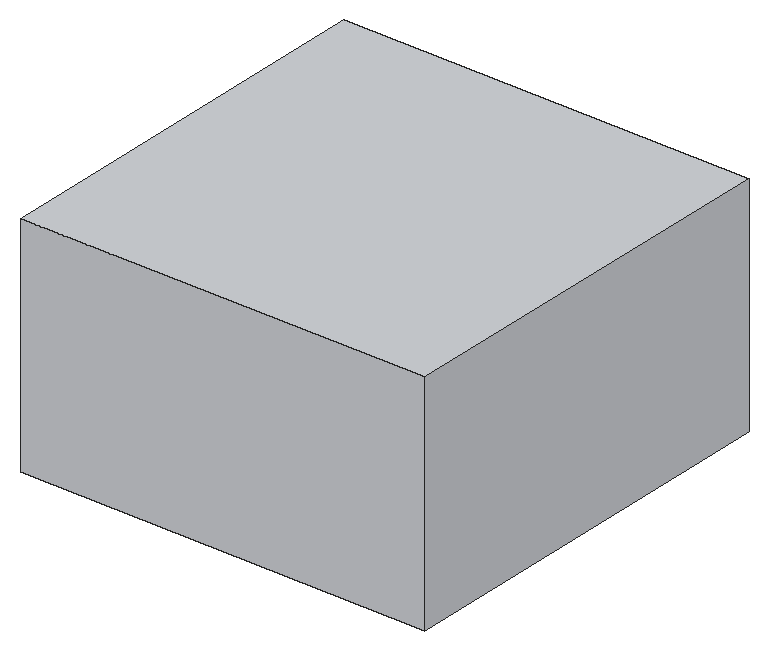
Revit family "M_Caixa de junção do conduíte - Cruzamento - PVC", category Conexões do conduite, Revit 2019
Family settings
  Cota do conector redondo = Usar raio
  Tipo de parte = Cruzeta
  Número OmniClass = 23.80.30.17.11
  Título OmniClass = Conduits
  ID de item do Seek = Conduit Junction Box - Cross - PVC-0000-CAN-ENU
  Com base no plano de trabalho = Não
  Sempre na vertical = Sim
  Corte com vazios quando carregada = Não
  Compartilhado = Não
Parameters (values of type "Padrão")
  Largura [instance] = Comprimento  # 114 mm
  Raio nominal 4 [instance] = 8 mm
  Raio nominal 3 [instance] = 8 mm
  Raio nominal 2 [instance] = 8 mm
  Raio nominal 1 [instance] = 8 mm
  Diâmetro nominal 4 [instance] = Raio nominal 4 * 2  # 16 mm
  Diâmetro nominal 3 [instance] = Raio nominal 3 * 2  # 16 mm
  Diâmetro nominal 2 [instance] = Raio nominal 2 * 2  # 16 mm
  Diâmetro nominal 1 [instance] = Raio nominal 1 * 2  # 16 mm
  Diâmetro nominal máximo 34 [instance] = if(Diâmetro nominal 3 > Diâmetro nominal 4, Diâmetro nominal 3, Diâmetro nominal 4)  # 16 mm
  Diâmetro nominal máximo 1234 [instance] = if(Diâmetro nominal máximo 12 > Diâmetro nominal máximo 34, Diâmetro nominal máximo 12, Diâmetro nominal máximo 34)  # 16 mm
  Diâmetro nominal máximo 12 [instance] = if(Diâmetro nominal 1 > Diâmetro nominal 2, Diâmetro nominal 1, Diâmetro nominal 2)  # 16 mm
  Altura [instance] = if(not(Diâmetro nominal máximo 1234 > 27 mm), 64 mm, if(Diâmetro nominal máximo 1234 < 155 mm, 152 mm, Diâmetro nominal máximo 1234 * 1.2))  # 64 mm
  Comprimento [instance] = if(not(Diâmetro nominal máximo 1234 > 27 mm), 114 mm, 6 * Diâmetro nominal máximo 1234)  # 114 mm
Reference planes
  plane 1 "Centro (Frente/Trás)": y = 0
  plane 2: z = 0
  plane 3 "Centro (Esquerda/Direita)": x = 0
  plane 4: x = -57
  plane 5: x = 57
  plane 6: y = 57
  plane 7: y = -57
  plane 8: z = 32
  plane 9: z = -32
Forms (mm)
  Extrusion 1, solid
    sketch origin (0, 0, 0) x (1, 0, 0) y (0, 1, 0)
      loop
        line (-57, 57) -> (-57, -57) -> (57, -57) -> (57, 57) -> (-57, 57)
    from -32 to 32
Dimensions and locks
  equal spacing: plane 4, plane 3 "Centro (Esquerda/Direita)", plane 5
  "Comprimento": plane 4 to plane 5
  equal spacing: plane 6, plane 1 "Centro (Frente/Trás)", plane 7
  "Largura": plane 6 to plane 7
  equal spacing: plane 8, plane 2, plane 9
  "Altura": plane 8 to plane 9
  aligned and locked: Extrusion 1 sketch curve to plane 6
  aligned and locked: plane 4 to Extrusion 1 sketch curve
  aligned and locked: plane 7 to Extrusion 1 sketch curve
  aligned and locked: Extrusion 1 sketch curve to plane 5
  aligned and locked: Extrusion 1 to plane 9
  aligned and locked: plane 8 to Extrusion 1
Connectors
  cabletrayconduit at (-57, 0, 0), diameter 16, driven by "Raio nominal 1"
    settings: on Extrusion 1, index 1, connector width 304.8 mm, connector height 304.8 mm, connector angle 0.00°, system type 32, placement type 0, profile type 0, connector reference index 2, is primary connector yes, connector utility param no, connector description ""
  cabletrayconduit at (57, 0, 0), diameter 16, driven by "Raio nominal 2"
    settings: on Extrusion 1, index 2, connector width 304.8 mm, connector height 304.8 mm, connector angle 0.00°, system type 32, placement type 0, profile type 0, connector reference index 1, is primary connector no, connector utility param no, connector description ""
  cabletrayconduit at (0, -57, 0), diameter 16, driven by "Raio nominal 3"
    settings: on Extrusion 1, index 3, connector width 304.8 mm, connector height 304.8 mm, connector angle 0.00°, system type 32, placement type 0, profile type 0, connector reference index 4, is primary connector no, connector utility param no, connector description ""
  cabletrayconduit at (0, 57, 0), diameter 16, driven by "Raio nominal 4"
    settings: on Extrusion 1, index 4, connector width 304.8 mm, connector height 304.8 mm, connector angle 0.00°, system type 32, placement type 0, profile type 0, connector reference index 3, is primary connector no, connector utility param no, connector description ""
